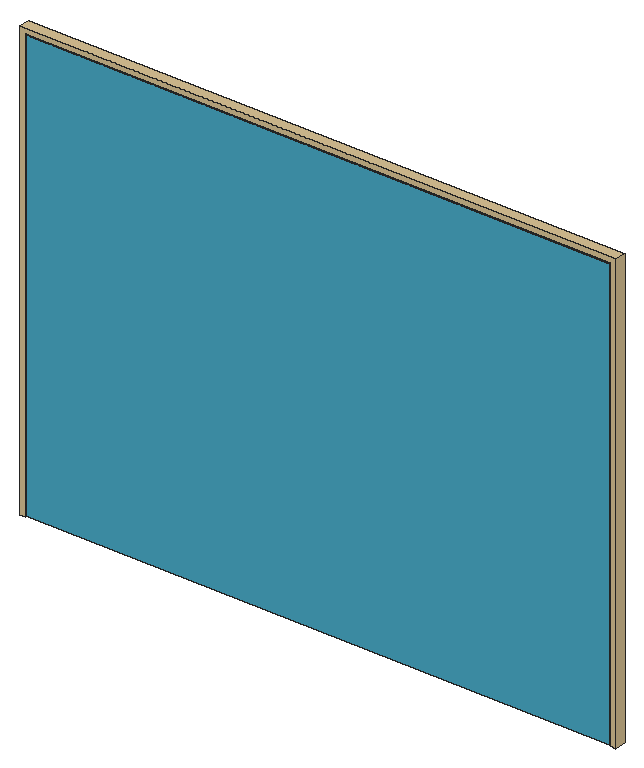
Revit family
Parameters (values of type "5100 X 3750")
  Wrap Layers (Ext) from Ext = 5100.0 mm
  Wrap Layers (Int) from Ext = 3750.0 mm
  Vis - Ironmongery = yes
  Vis - Cavity Closers = yes
  Type Comments = "ST"
  Thickness = Door Panel Thickness  # 44.0 mm
  Rough Width = Width  # 5100.0 mm
  Rough Height = Height  # 3750.0 mm
  Operation = "RollingUp"
  O/A Frame Width = 64.0 mm
  Keynote = "L20"
  Handle Z Distance = 900.0 mm
  Function = (empty or 0)
  FrameWidth = 42.0 mm
  FrameOffset - External = 25.0 mm
  FrameDepth = 89.0 mm
  Door Panel Thickness = 44.0 mm
  Height = 3750.0 mm
  Material Door = Metal - Steel 2
  Material Frame = Door -  Frame/Mullion
  Material Ironmongery = Door - Handle
  Structural Tolerance = 6.5 mm
  Tolerance = 3.0 mm
  Undercut = 10.0 mm
  Wall Closure = (empty or 0)
  Width = 5100.0 mm
  Cavity Closer Width = 50.0 mm
  Cavity Closer Offset from Ext = 102.5 mm
  Cavity Closer Depth = 85.0 mm
  Assembly Code = ""
Reference planes
  plane 1: y = 0
  plane 2 "Left": x = -1135.5
  plane 3 "Right": x = 3964.5
  plane 4 "Head Opening": z = 3750
  plane 5 "Exterior": y = 150
  plane 6 "Interior": y = -150
  plane 7 "ST left": x = -1129
  plane 8 "ST right": x = 3958
  plane 9 "Int frame left": x = -1087
  plane 10 "Int frame right": x = 3916
  plane 11 "RHS Leaf Edge": x = 3913
  plane 12: z = 3743.5
  plane 13: z = 3701.5
  plane 14: z = 3698.5
  plane 15: y = 83
  plane 16 "LHS Leaf Edge": x = -1084
  plane 17: z = 0
  plane 18: y = 80
  plane 19: y = 125
  plane 20: y = 36
  plane 21: z = 10
  plane 22: z = 0
  plane 23 "Front Cavity Closer": y = 47.5
  plane 24: z = 900
  plane 25: x = 1414.5
  plane 26: y = -4950
  plane 27: y = -3600
Forms (mm)
  Sweep 1, solid, material "Door -  Frame/Mullion" <- "Material Frame"
    path origin (0, 125, 0) x (1, 0, 0) y (0, 0, 1)
      loop
        line (3958, 0) -> (3958, 3743.5) -> (-1129, 3743.5) -> (-1129, 0)
    profile origin (0, 0, 1871.75) x (-1, 0, 0) y (0, -1, 0)
      loop
        line (-3964.5, -125) -> (-3894, -125) -> (-3894, -83) -> (-3916, -83) -> (-3916, -36) -> (-3964.5, -36) -> (-3964.5, -125)
  Extrusion 2, solid, material "Metal - Steel 2" <- "Material Door"
    sketch origin (0, 36, 0) x (1, 0, 0) y (0, 0, 1)
      loop
        line (-1084, 10) -> (3913, 10) -> (3913, 3698.5) -> (-1084, 3698.5) -> (-1084, 10)
    from 0 to -44
Lines and regions (mm)
  Opening 1
    outline origin (-5000, -150, 0) x (1, 0, 0) y (0, 0, 1)
      loop
        line (8964.5, 3750) -> (3864.5, 3750) -> (3864.5, 0) -> (8964.5, 0) -> (8964.5, 3750)
  symbolic lines, style "Structural Opening", detail levels medium+fine
    curve 1: line (-1135.5, 0, 0) -> (-1135.5, 0, 3750)
    curve 2: line (-1135.5, 0, 3750) -> (3964.5, 0, 3750)
    curve 3: line (3964.5, 0, 3750) -> (3964.5, 0, 0)
    curve 4: line (-1135.5, 0, 0) -> (3964.5, 0, 0)
  symbolic lines, style "Threshold", detail levels medium+fine
    curve 5: line (3913, 36, 0) -> (1158, 36, 0)
  symbolic lines, style "Cavity Closer", visible <- "Vis - Cavity Closers", detail levels medium+fine
    curve 6: line (-1185.5, -37.5, 0) -> (-1135.5, -37.5, 0)
    curve 7: line (-1185.5, 47.5, 0) -> (-1185.5, -37.5, 0)
    curve 8: line (-1135.5, 47.5, 0) -> (-1185.5, 47.5, 0)
    curve 9: line (-1135.5, -37.5, 0) -> (-1135.5, 47.5, 0)
    curve 10: line (3964.5, -37.5, 0) -> (4014.5, -37.5, 0)
    curve 11: line (3964.5, 47.5, 0) -> (3964.5, -37.5, 0)
    curve 12: line (4014.5, 47.5, 0) -> (3964.5, 47.5, 0)
    curve 13: line (4014.5, -37.5, 0) -> (4014.5, 47.5, 0)
    curve 14: line (-1185.5, -37.5, 0) -> (-1135.5, 47.5, 0)
    curve 15: line (-1185.5, 47.5, 0) -> (-1135.5, -37.5, 0)
    curve 16: line (3964.5, -37.5, 0) -> (4014.5, 47.5, 0)
    curve 17: line (3964.5, 47.5, 0) -> (4014.5, -37.5, 0)
  symbolic lines, style "DoorsFrameMullionProjection"
    curve 18: line (3916, 0, 3698.5) -> (3916, 0, 0)
    curve 19: line (-853.5, 0, 3698.5) -> (3916, 0, 3698.5)
  symbolic lines, style "Elevation Swing"
    curve 20: line (3894, 0, 10) -> (1416, 0, 3698.5)
    curve 21: line (1414.5, 0, 3698.5) -> (-1065, 0, 10)
  symbolic lines, style "DoorsPanelProjection"
    curve 22: line (3913, 80, 0) -> (-1084, 80, 0)
    curve 23: line (-1084, 36, 0) -> (3913, 36, 0)
    curve 24: line (-1084, 80, 0) -> (-1084, 36, 0)
    curve 25: line (3913, 36, 0) -> (3913, 80, 0)
  model lines, style "DoorsPanelProjection"
    curve 26: line (3894, 80, 80) -> (-1065, 80, 80)
    curve 27: line (3894, 80, 3639.5) -> (-1065, 80, 3639.5)
    curve 28: line (3894, 80, 267.342) -> (-1065, 80, 267.342)
    curve 29: line (3894, 80, 454.684) -> (-1065, 80, 454.684)
    curve 30: line (3894, 80, 642.026) -> (-1065, 80, 642.026)
    curve 31: line (3894, 80, 829.368) -> (-1065, 80, 829.368)
    curve 32: line (3894, 80, 1016.711) -> (-1065, 80, 1016.711)
    curve 33: line (3894, 80, 1204.053) -> (-1065, 80, 1204.053)
    curve 34: line (3894, 80, 1391.395) -> (-1065, 80, 1391.395)
    curve 35: line (3894, 80, 1578.737) -> (-1065, 80, 1578.737)
    curve 36: line (3894, 80, 1766.079) -> (-1065, 80, 1766.079)
    curve 37: line (3894, 80, 1953.421) -> (-1065, 80, 1953.421)
    curve 38: line (3894, 80, 2140.763) -> (-1065, 80, 2140.763)
    curve 39: line (3894, 80, 2328.105) -> (-1065, 80, 2328.105)
    curve 40: line (3894, 80, 2515.447) -> (-1065, 80, 2515.447)
    curve 41: line (3894, 80, 2702.789) -> (-1065, 80, 2702.789)
    curve 42: line (3894, 80, 2890.132) -> (-1065, 80, 2890.132)
    curve 43: line (3894, 80, 3077.474) -> (-1065, 80, 3077.474)
    curve 44: line (3894, 80, 3452.158) -> (-1065, 80, 3452.158)
    curve 45: line (3894, 80, 3264.816) -> (-1065, 80, 3264.816)
Text (mm)
  text "Exterior" at (-1796.445, 976.134, 0), in view "Ref. Level"
  text "Exterior" at (0, 1615.38, 2893.938), in view "Left"
  text "Exterior" at (0, 1036.032, 3874.932), in view "Right"
Dimensions and locks
  plane 2 "Left" to plane 3 "Right" = 5100.0 mm
  "Width": plane 2 "Left" to plane 3 "Right"
  "Height": level to plane 4 "Head Opening"
  locked: plane 5 "Exterior" to host wall at 0
  locked: plane 6 "Interior" to host wall
  "Structural Tolerance": plane 2 "Left" to plane 7 "ST left"
  "Structural Tolerance": plane 8 "ST right" to plane 3 "Right"
  "Tolerance": plane 11 "RHS Leaf Edge" to plane 10 "Int frame right"
  "Structural Tolerance": plane 4 "Head Opening" to plane 12
  "Tolerance": plane 13 to plane 14
  "Door Panel Thickness": plane 20 to plane 18
  "Tolerance": plane 9 "Int frame left" to plane 16 "LHS Leaf Edge"
  "Tolerance": plane 18 to plane 15
  "FrameDepth": plane 20 to plane 19
  "FrameWidth": plane 7 "ST left" to plane 9 "Int frame left"
  "FrameWidth": plane 10 "Int frame right" to plane 8 "ST right"
  "O/A Frame Width": Sweep 1 sketch curve to plane 8 "ST right"
  "FrameOffset - External": plane 19 to plane 5 "Exterior"
  "Undercut": plane 22 to plane 21
  "FrameWidth": plane 12 to plane 13
  "Cavity Closer Offset from Ext": plane 23 "Front Cavity Closer" to plane 5 "Exterior"
  "Cavity Closer Depth": curve 6 to plane 23 "Front Cavity Closer"
  "Cavity Closer Depth": curve 10 to plane 23 "Front Cavity Closer"
  "Cavity Closer Width": curve 7 to plane 2 "Left"
  "Cavity Closer Width": plane 3 "Right" to curve 13
  "Handle Z Distance": level to plane 24
  locked: level to curve 26 at 80
  locked: curve 27 to plane 4 "Head Opening" at 110.5
  equal spacing: plane 2 "Left", plane 25, plane 3 "Right"
  "Wrap Layers (Ext) from Ext": plane 26 to plane 5 "Exterior"
  "Wrap Layers (Int) from Ext": plane 27 to plane 5 "Exterior"
  aligned and locked: plane 1 to host wall
  aligned and locked: plane 8 "ST right" to Sweep 1 sketch curve
  aligned and locked: Sweep 1 sketch curve to plane 12
  aligned and locked: profile plane to plane 8 "ST right"
  aligned and locked: Sweep 1 sketch curve to plane 3 "Right"
  aligned and locked: Sweep 1 sketch curve to plane 15
  aligned and locked: plane 10 "Int frame right" to Sweep 1 sketch curve
  aligned and locked: plane 20 to Sweep 1 sketch curve
  aligned and locked: Sweep 1 sketch curve to plane 19
  aligned and locked: plane 14 to Extrusion 2 sketch curve
  aligned and locked: Extrusion 2 to plane 18
  aligned and locked: plane 21 to Extrusion 2
  aligned and locked: plane 2 "Left" to nested 1
  aligned and locked: nested 1 to plane 23 "Front Cavity Closer"
  aligned and locked: nested 2 to plane 3 "Right"
  aligned and locked: Extrusion 2 sketch curve to plane 16 "LHS Leaf Edge"
  aligned and locked: level to Sweep 1 sketch curve  (x2)
  aligned and locked: level to plane 22
  aligned and locked: Sweep 1 to curve 26  (x2)
  aligned and locked: Sweep 1 to curve 28  (x2)
  aligned and locked: Sweep 1 to curve 29  (x2)
  aligned and locked: Sweep 1 to curve 30  (x2)
  aligned and locked: Sweep 1 to curve 31  (x2)
  aligned and locked: Sweep 1 to curve 32  (x2)
  aligned and locked: Sweep 1 to curve 33  (x2)
  aligned and locked: Sweep 1 to curve 34  (x2)
  aligned and locked: Sweep 1 to curve 35  (x2)
  aligned and locked: Sweep 1 to curve 36  (x2)
  aligned and locked: Sweep 1 to curve 37  (x2)
  aligned and locked: Sweep 1 to curve 38  (x2)
  aligned and locked: Sweep 1 to curve 39  (x2)
  aligned and locked: Sweep 1 to curve 40  (x2)
  aligned and locked: Sweep 1 to curve 41  (x2)
  aligned and locked: Sweep 1 to curve 42  (x2)
  aligned and locked: Sweep 1 to curve 43  (x2)
  aligned and locked: Sweep 1 to curve 45  (x2)
  aligned and locked: Sweep 1 to curve 44  (x2)
  aligned and locked: Sweep 1 to curve 27  (x2)
  aligned and locked: plane 23 "Front Cavity Closer" to nested 2
Automatic sketch dimensions
  Sweep 1 sketch curve to plane 7 "ST left" = 0.0 mm
  Extrusion 2 sketch curve to plane 11 "RHS Leaf Edge" = 0.0 mm
  curve 9 to plane 2 "Left" = 0.0 mm
  curve 17 to plane 3 "Right" = 0.0 mm
  curve 9 to plane 23 "Front Cavity Closer" = 0.0 mm
  curve 11 to plane 23 "Front Cavity Closer" = 0.0 mm
  Extrusion 2 sketch curve to plane 21 = 0.0 mm
  curve 24 to plane 16 "LHS Leaf Edge" = 0.0 mm
  curve 5 to plane 11 "RHS Leaf Edge" = 0.0 mm
  curve 23 to plane 20 = 0.0 mm
  curve 25 to plane 18 = 0.0 mm
  curve 1 to plane 2 "Left" = 0.0 mm
  curve 1 to plane 4 "Head Opening" = 0.0 mm
  curve 20 to plane 14 = 0.0 mm
  curve 21 to plane 21 = 0.0 mm
  curve 20 to plane 21 = 0.0 mm
  curve 3 to level = 0.0 mm
  curve 18 to level = 0.0 mm
  curve 18 to plane 10 "Int frame right" = 0.0 mm
  curve 3 to plane 3 "Right" = 0.0 mm
  curve 21 to curve 20 = 1.5 mm
  curve 21 to plane 16 "LHS Leaf Edge" = 19.0 mm
  plane 11 "RHS Leaf Edge" to curve 20 = 19.0 mm
  curve 21 to plane 25 = 0.0 mm
  curve 5 to plane 25 = 256.5 mm
  curve 27 to curve 19 = 211.5 mm
  Opening 1 sketch curve to plane 2 "Left" = 0.0 mm
  Opening 1 sketch curve to level = 0.0 mm
  Opening 1 sketch curve to plane 3 "Right" = 0.0 mm
  Opening 1 sketch curve to plane 4 "Head Opening" = 0.0 mm
  curve 27 to curve 44 = 187.342 mm
  curve 44 to curve 45 = 187.342 mm
  curve 45 to curve 43 = 187.342 mm
  curve 43 to curve 42 = 187.342 mm
  curve 42 to curve 41 = 187.342 mm
  curve 41 to curve 40 = 187.342 mm
  curve 40 to curve 39 = 187.342 mm
  curve 39 to curve 38 = 187.342 mm
  curve 38 to curve 37 = 187.342 mm
  curve 37 to curve 36 = 187.342 mm
  curve 36 to curve 35 = 187.342 mm
  curve 35 to curve 34 = 187.342 mm
  curve 34 to curve 33 = 187.342 mm
  curve 32 to plane 24 = 116.711 mm
  plane 24 to curve 31 = 70.632 mm
  curve 31 to curve 30 = 187.342 mm
  curve 30 to curve 29 = 187.342 mm
  curve 28 to curve 26 = 187.342 mm
Nested families
  nested 1: "UK_Cavity Closer" at (-1185.5, 47.5, 0), visible <- "Vis - Cavity Closers", type "UK_Cavity Closer", detail levels medium+fine
  nested 2: "UK_Cavity Closer" at (3964.5, 47.5, 0), visible <- "Vis - Cavity Closers", type "UK_Cavity Closer", detail levels medium+fine
Definition of nested family "UK_Cavity Closer"
  Parameters
    Closer Width = 50.0 mm
    Closer Depth = 75.0 mm
  Reference planes
    plane 1 "Center (Front/Back)": y = 0
    plane 2: z = 0
    plane 3 "Center (Left/Right)": x = 0
    plane 4: x = 50, in view "Ref. Level"
    plane 5: y = -75, in view "Ref. Level"
  Lines and regions (mm)
    Masking region 1, in view "Ref. Level"
      outline origin (0, 0, 0) x (1, 0, 0) y (0, 1, 0)
        loop
          line (0, 0) -> (0, -75) -> (50, -75) -> (50, 0) -> (0, 0)
  Dimensions and locks
    "Closer Width": plane 3 "Center (Left/Right)" to plane 4
    "Closer Depth": plane 5 to plane 1 "Center (Front/Back)"
  Automatic sketch dimensions
    Masking region 1 sketch curve to plane 3 "Center (Left/Right)" = 0.0 mm
    Masking region 1 sketch curve to plane 4 = 0.0 mm
    Masking region 1 sketch curve to plane 5 = 0.0 mm
    Masking region 1 sketch curve to plane 1 "Center (Front/Back)" = 0.0 mm
